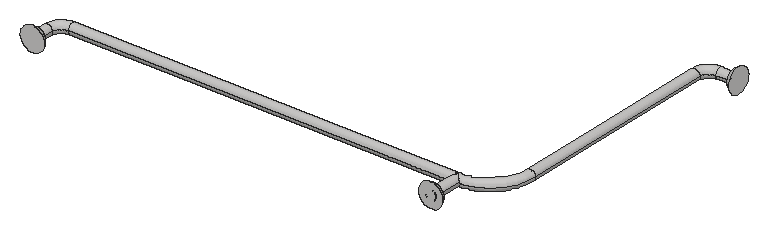
Revit family
Parameters
  W = 36"
  Subcategory = "Bathroom Fixture"
  SmartBIM Object Version = 3  # constant formula
  SmartBIM Object Created By = "Reed Construction Data"  # constant formula
  Manufacturer = ""
  D = 54"
  Rod-Radius = 5/8"
  Material = Steel-Satin Finish
  Assembly Code = "C1030200"
  95 CSI = "10810"
  04 CSI = "10 28 13"
Reference planes (in)
  plane 1: y = 0
  plane 2 "Center (Left/Right)": x = 0
  plane 3 "Wall Edge": y = 3
  plane 4: y = 7
  plane 5: x = 27
  plane 6: x = -27
  plane 7: z = 60
  plane 8: y = 39
  plane 9 "Vertical Wall Alignment Plane": x = 31
  plane 10: x = 22
  plane 11: x = 22
Forms (in)
  Blend 1, solid, material "Steel-Satin Finish" <- "Material"
    base sketch origin (-5, 3, 0) x (1, 0, 0) y (0, 0, 1)
      loop
        circle (27, 60) r 1.5
    top sketch origin (-5, 3, 0) x (1, 0, 0) y (0, 0, 1)
      loop
        circle (27, 60) r 1.15658
    from 0 to -0.5
  Blend 2, solid, material "Steel-Satin Finish" <- "Material"
    base sketch origin (0, 3, 0) x (1, 0, 0) y (0, 0, 1)
      loop
        circle (-27, 60) r 1.5
    top sketch origin (0, 3, 0) x (1, 0, 0) y (0, 0, 1)
      loop
        circle (-27, 60) r 1.15625
    from 0 to -0.5
  Sweep 3, solid, material "Steel-Satin Finish" <- "Material"
    path origin (96.99291, 9, 60) x (1, 0, 0) y (0, 1, 0)
      loop
        line (-123.99291, -5.5) -> (-123.99291, -3.75)
        arc (-123.99291, -3.75) -> (-123.48035, -2.51256) -> (-122.24291, -2) r 1.75
        line (-122.24291, -2) -> (-74.99291, -2)
        arc (-74.99291, -2) -> (-71.45738, -0.53553) -> (-69.99291, 3) r 5
        line (-69.99291, 3) -> (-69.99291, 28.25)
        arc (-69.99291, 28.25) -> (-69.48035, 29.48744) -> (-68.24291, 30) r 1.75
        line (-68.24291, 30) -> (-66.49291, 30)
    profile origin (-27, 4.375, 60) x (-1, 0, 0) y (0, 0, 1)
      loop
        circle (0, 0) r 0.625
  Blend 4, solid, material "Steel-Satin Finish" <- "Material"
    base sketch origin (31, 12, 0) x (0, 1, 0) y (0, 0, 1)
      loop
        circle (27, 60) r 1.5
    top sketch origin (31, 12, 0) x (0, 1, 0) y (0, 0, 1)
      loop
        circle (27, 60) r 1.15658
    from 0 to -0.5
  Extrusion 5, solid, material "Steel-Satin Finish" <- "Material"
    sketch origin (0, 3, 0) x (1, 0, 0) y (0, 0, 1)
      loop
        circle (22, 60) r 0.625
    from 0 to -4
Text (in)
  text "Placement Side" at (0, 40.15149, 123.01588), in view "Right"
  text "Placement Side" at (-70.3804, 28.46503, 0), in view "Ref. Level"
  text "Placement Side" at (0, 81.62555, 140.59947), in view "Left"
Dimensions and locks (in)
  locked: plane 3 "Wall Edge" to host wall
  "D": plane 6 to plane 5
  locked: level to plane 7 at 60
  locked: plane 3 "Wall Edge" to plane 4 at 4
  locked: Blend 2 to plane 3 "Wall Edge" at 0.5
  "W": plane 3 "Wall Edge" to plane 8
  "Rod-Radius": radius of Sweep 3 sketch curve
  "Rod-Radius": radius of Extrusion 5 sketch curve
  aligned and locked: Blend 1 to Blend 2
  aligned and locked: Sweep 3 sketch curve to Blend 2
  aligned and locked: Sweep 3 sketch curve to plane 6
  aligned and locked: Sweep 3 sketch curve to plane 4
  aligned and locked: Sweep 3 sketch curve to plane 5
  aligned and locked: plane 9 "Vertical Wall Alignment Plane" to Blend 4  (x2)
  aligned and locked: plane 4 to Extrusion 5
  aligned and locked: Extrusion 5 to host wall
Automatic sketch dimensions
  Blend 2 sketch curve to plane 6 = 0"  (x2)
  Blend 2 sketch curve to plane 7 = 0"  (x2)
  Sweep 3 sketch curve to plane 8 = 0"
  Sweep 3 sketch curve to plane 6 = 1 3/4"
  Sweep 3 sketch curve to Sweep 3 sketch curve = 5"
  plane 5 to Sweep 3 sketch curve = 1 3/4"
  Sweep 3 sketch curve to plane 9 "Vertical Wall Alignment Plane" = 1/2"
  Sweep 3 sketch curve to plane 7 = 0"
  Sweep 3 sketch curve to profile plane = 0"
  Blend 4 sketch curve to plane 7 = 0"  (x2)
  Blend 4 sketch curve to plane 8 = 0"  (x2)
  Blend 1 sketch curve to plane 7 = 0"  (x2)
  Blend 1 sketch curve to plane 11 = 0"  (x2)
  Extrusion 5 sketch curve to plane 7 = 0"
  Extrusion 5 sketch curve to plane 11 = 0"
  radius of Blend 2 sketch curve = 1 1/2"
  radius of Blend 2 sketch curve = 1 5/32"
  radius of Blend 4 sketch curve = 1 1/2"
  radius of Blend 4 sketch curve = 1.15658"
  radius of Blend 1 sketch curve = 1 1/2"
  radius of Blend 1 sketch curve = 1.15658"
